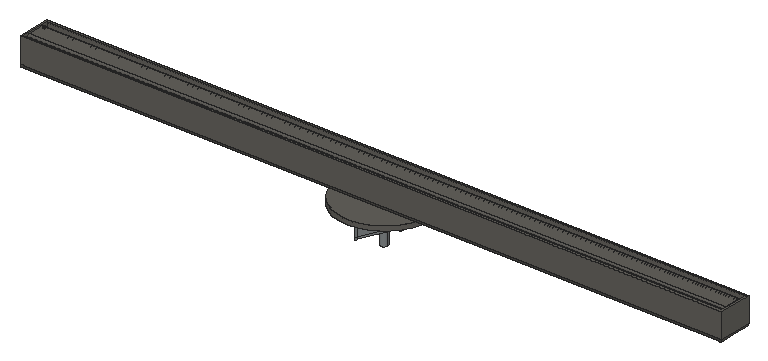
Revit family "Shower-Floor_Drain-KOHLER-Hidden-K-33622T", category Plumbing Fixtures, host Face, Revit 2021
Family settings
  Host = Face
  Round Connector Dimension = Use Diameter
  Part Type = Normal
  OmniClass Number = 23.39.29.11
  OmniClass Title = Waste Water Drains
  Cut with Voids When Loaded = No
  Shared = No
  Room Calculation Point = No
Parameters (values of type "CG2-Cool Dark Gray")
  Width = 23.62205"  # constant formula
  WaterSense Certified = 1 = 0  # no
  Waste Water Outlet = "Waste Water Outlet"  # constant formula
  Waste Connection = 1 = 1  # yes
  Vent Connection = 1 = 0  # no
  URL = "http://www.kohler.com.cn/"
  Type = 3
  Product Page URL = ""
  Product Name = "Hidden"  # constant formula
  Product Documentation Link = ""
  Pressure = 0.00 psi
  Model = if(Type = 1, "K-33622T-2MB", if(Type = 2, "K-33622T-BS", if(Type = 3, "K-33622T-CG2", "NA")))  # "K-33622T-CG2"
  Material = "Premium Metal Construction"  # constant formula
  Master Format 2014 Name = "Residential Showers"  # constant formula
  Master Format 2014 = "22 42 23"  # constant formula
  Manufacturer Address = "Kohler Beijing Office (100016) 36-2-03-B, No. 88, Liuxiang Road, Beijing"  # constant formula
  Manufacturer = "Kohler Co."  # constant formula
  Length = 1.10236"  # constant formula
  Hot Water Inlet = "Hot Water Inlet"  # constant formula
  Height = 2.3622"  # constant formula
  HW Connection = 1 = 0  # no
  Flow Rate = 0 GPM
  Finish = KOHLER-Metal-CG2-Cool_Dark_Gray
  Environmental Product Declaration = ""
  Drain Included = 1 = 0  # no
  Description = "Floor Drain (E) 600 X 28MM"  # constant formula
  Default Elevation = 0"
  Declare Label = ""
  Date Modified = "07/12/2024"  # constant formula
  Date Created = "07/12/2024"  # constant formula
  Copyright = "Copyright Kohler Co."  # constant formula
  Contact Us = "http://www.kohler.com.cn/contact/contact-us/"
  Cold Water Inlet = "Cold Water Inlet"  # constant formula
  CW Connection = 1 = 0  # no
  Assembly Code = "D2010700"
  ADA Compliant = 1 = 0  # no
Types (4): name | Type | Model | Finish
  (no name) | 3 | "K-33622T-CG2" | KOHLER-Metal-CG2-Cool_Dark_Gray
  BS-Brushed Stainless | 2 | "K-33622T-BS" | Kohler-Metal-BS-Brushed_Stainless
  2MB-Vibrant Brushed Moderne Brass | 1 | "K-33622T-2MB" | Kohler-Metal-2MB-Vibrant_Brushed_Moderne_Brass
  CG2-Cool Dark Gray | 3 | "K-33622T-CG2" | KOHLER-Metal-CG2-Cool_Dark_Gray
Reference planes (in)
  plane 1 "Center (Front/Back)": y = 0
  plane 2: z = 0
  plane 3 "Center (Left/Right)": x = 0
  plane 4: x = -0.55118
  plane 5: x = 0.55118
  plane 6: x = 1.53543
  plane 7: x = -1.53543
  plane 8: z = -1.11024
  plane 9: z = -2.3622
  plane 10: y = 0.82677
  plane 11: y = -0.82677
  plane 12: x = 11.81102
  plane 13: x = -11.81102
  plane 14: y = 1.53543
  plane 15: y = -1.53543
  plane 16: y = 0.55118
  plane 17: y = -0.55118
  plane 18: x = -0.82677
  plane 19: x = 0.82677
Forms (in)
  Extrusion 1, void
    sketch origin (0, 0, 0) x (1, 0, 0) y (0, 1, 0)
      loop
        line (-11.81102, 0.55118) -> (-11.81102, -0.55118) -> (11.81102, -0.55118) -> (11.81102, 0.55118) -> (-11.81102, 0.55118)
    from -0.95276 to 0
  Extrusion 2, void
    sketch origin (0, 0, 0) x (1, 0, 0) y (0, 1, 0)
      loop
        circle (0, 0) r 1.53543
    from -1.11024 to -0.95276
  Extrusion 3, void
    sketch origin (0, 0, 0) x (1, 0, 0) y (0, 1, 0)
      loop
        arc (-0.63447, 0.33983) -> (-0.73027, 0.30734) -> (-0.78654, 0.22327) r 0.15748
        arc (-0.78654, 0.22327) -> (-0.81612, 0.00093) -> (-0.78726, -0.22151) r 0.86107
        arc (-0.78726, -0.22151) -> (-0.73107, -0.30592) -> (-0.63506, -0.33857) r 0.15748
        line (-0.63506, -0.33857) -> (0.60469, -0.33857)
        arc (0.60469, -0.33857) -> (0.7282, -0.295) -> (0.79703, -0.18358) r 0.19685
        arc (0.79703, -0.18358) -> (0.81647, 0.02044) -> (0.78715, 0.22327) r 0.86107
        arc (0.78715, 0.22327) -> (0.73088, 0.30734) -> (0.63508, 0.33983) r 0.15748
        line (0.63508, 0.33983) -> (-0.63447, 0.33983)
    from -2.3622 to -0.64571
Dimensions and locks (in)
  "Width": plane 13 to plane 12
  "Length": plane 16 to plane 17
  plane 14 to plane 15 = 3.07087"
  level to plane 8 = 1.11024"
  "Height": level to plane 9
  plane 18 to plane 19 = 1.65354"
  aligned and locked: plane 2 to host face
  aligned and locked: level to host face
  aligned and locked: plane 1 "Center (Front/Back)" to nested 1
  aligned and locked: plane 3 "Center (Left/Right)" to nested 1
Automatic sketch dimensions
  host sketch curve to host sketch curve = 96"  (x2)
  Extrusion 1 sketch curve to plane 13 = 0"
  Extrusion 1 sketch curve to plane 12 = 0"
  Extrusion 1 sketch curve to plane 17 = 0"
  Extrusion 1 sketch curve to plane 16 = 0"
  plane 1 "Center (Front/Back)" to Extrusion 2 sketch curve = 0"
  Extrusion 2 sketch curve to plane 3 "Center (Left/Right)" = 0"
  plane 4 to Extrusion 3 sketch curve = 0.08388"
  plane 4 to Extrusion 3 sketch curve = 0.08329"
  plane 1 "Center (Front/Back)" to Extrusion 3 sketch curve = 0.00047"  (x2)
  Extrusion 3 sketch curve to plane 3 "Center (Left/Right)" = 0.04434"
  plane 3 "Center (Left/Right)" to Extrusion 3 sketch curve = 0.04495"
  Extrusion 3 sketch curve to plane 5 = 0.0535"
  Extrusion 3 sketch curve to plane 5 = 0.0839"
  plane 1 "Center (Front/Back)" to Extrusion 3 sketch curve = 0.14172"
  plane 1 "Center (Front/Back)" to Extrusion 3 sketch curve = 0.18109"
  Extrusion 3 sketch curve to Extrusion 3 sketch curve = 0.15748"  (x2)
  Extrusion 3 sketch curve to plane 1 "Center (Front/Back)" = 0.18235"  (x2)
  Extrusion 3 sketch curve to Extrusion 3 sketch curve = 0"  (x2)
  radius of Extrusion 2 sketch curve = 1.53543"
Nested families (in)
  nested 1: "K-33622T" at (0, 0, 0), type "K-33622T"
Connectors (in)
  piping at (0, 0, -2.3622), diameter 1.76563, driven by "Waste Connection", driven by "Waste Water Outlet"
    settings: on nested 1, index 1, connector inside diameter 24", connector length 0", flow factor 0, pipe flow 0 GPM, pressure drop 0.00 psi, fitting loss kfactor 0, connector angle 0.00°, fixture units 0, engagement length 0", angle of deflection 0.00°, flow configuration 0, flow direction 2, fitting loss method 0, system type 16, joint type 0, gender type 0, connector reference index -1, connector utility 1, adjustable connector no, is connector primary yes, connector description "Waste Water Outlet"
Definition of nested family "K-33622T"
  Parameters
    Material = none
    Default Elevation = 0"
  Reference planes (in)
    plane 1 "Center (Front/Back)": y = 0
    plane 2: z = 0
    plane 3 "Center (Left/Right)": x = 0
    plane 4: y = 0.55118
    plane 5: y = -0.55118
    plane 6: y = 1.53543
    plane 7: y = -1.53543
    plane 8: x = 11.81102
    plane 9: x = -11.81102
    plane 10: z = -1.11024
    plane 11: z = -2.3622
    plane 12: through (0.46659, -180, -1.57145) normal (0.5, 0, -0.866)
    plane 13: x = -0.82677
    plane 14: x = 0.82677
  Forms (in)
    Extrusion 1, solid, material <- "Material", detail levels medium+fine
      sketch origin (0, 0, 0) x (0, 1, 0) y (0, 0, 1)
        loop
          line (-0.35827, -0.39764) -> (-0.49606, -0.39764) -> (-0.49606, -0.44488) -> (-0.35039, -0.44488)
          arc (-0.35039, -0.44488) -> (-0.30864, -0.42759) -> (-0.29134, -0.38583) r 0.05906
          line (-0.29134, -0.38583) -> (-0.29134, -0.07874)
          arc (-0.29134, -0.07874) -> (-0.28557, -0.06482) -> (-0.27165, -0.05906) r 0.01969
          line (-0.27165, -0.05906) -> (0.24397, -0.05906)
          arc (0.24397, -0.05906) -> (0.25789, -0.06482) -> (0.26366, -0.07874) r 0.01969
          line (0.26366, -0.07874) -> (0.26366, -0.38583)
          arc (0.26366, -0.38583) -> (0.28095, -0.42759) -> (0.32271, -0.44488) r 0.05906
          line (0.32271, -0.44488) -> (0.49606, -0.44488) -> (0.49606, -0.39764) -> (0.33071, -0.39764)
          arc (0.33071, -0.39764) -> (0.31679, -0.39187) -> (0.31102, -0.37795) r 0.01969
          line (0.31102, -0.37795) -> (0.31102, -0.07087)
          arc (0.31102, -0.07087) -> (0.29373, -0.02911) -> (0.25197, -0.01181) r 0.05906
          line (0.25197, -0.01181) -> (-0.27953, -0.01181)
          arc (-0.27953, -0.01181) -> (-0.32129, -0.02911) -> (-0.33858, -0.07087) r 0.05906
          line (-0.33858, -0.07087) -> (-0.33858, -0.37795)
          arc (-0.33858, -0.37795) -> (-0.34435, -0.39187) -> (-0.35827, -0.39764) r 0.01969
      from -11.72244 to 11.72244
    Extrusion 2, void
      sketch origin (0, 0, 0) x (1, 0, 0) y (0, 1, 0)
        loop
          arc (11.72244, -0.41079) -> (11.6937, -0.48508) -> (11.62244, -0.52067) r 0.11037
          line (11.62244, -0.52067) -> (11.86024, -0.52067) -> (11.86024, 0.51135) -> (11.62244, 0.51135)
          arc (11.62244, 0.51135) -> (11.69412, 0.47002) -> (11.72244, 0.39226) r 0.12091
          line (11.72244, 0.39226) -> (11.72244, -0.41079)
        loop
          line (-11.72244, -0.41079) -> (-11.72244, 0.39226)
          arc (-11.72244, 0.39226) -> (-11.69412, 0.47002) -> (-11.62244, 0.51135) r 0.12091
          line (-11.62244, 0.51135) -> (-11.86024, 0.51135) -> (-11.86024, -0.52067) -> (-11.62244, -0.52067)
          arc (-11.62244, -0.52067) -> (-11.6937, -0.48508) -> (-11.72244, -0.41079) r 0.11037
      from -1.05944 to 0.07697
    Extrusion 3, void
      sketch origin (0, 0, 0) x (1, 0, 0) y (0, 0, 1)
        loop
          arc (-11.38583, -0.20079) -> (-11.4081, -0.21001) -> (-11.41732, -0.23228) r 0.0315
          line (-11.41732, -0.23228) -> (-11.41732, -0.44488) -> (-10.62992, -0.44488) -> (-10.62992, -0.23228)
          arc (-10.62992, -0.23228) -> (-10.63915, -0.21001) -> (-10.66142, -0.20079) r 0.0315
          line (-10.66142, -0.20079) -> (-11.38583, -0.20079)
        loop
          line (-9.84252, -0.44488) -> (-9.05512, -0.44488) -> (-9.05512, -0.23228)
          arc (-9.05512, -0.23228) -> (-9.06434, -0.21001) -> (-9.08661, -0.20079) r 0.0315
          line (-9.08661, -0.20079) -> (-9.81102, -0.20079)
          arc (-9.81102, -0.20079) -> (-9.83329, -0.21001) -> (-9.84252, -0.23228) r 0.0315
          line (-9.84252, -0.23228) -> (-9.84252, -0.44488)
        loop
          line (-8.26772, -0.44488) -> (-7.48031, -0.44488) -> (-7.48031, -0.23228)
          arc (-7.48031, -0.23228) -> (-7.48954, -0.21001) -> (-7.51181, -0.20079) r 0.0315
          line (-7.51181, -0.20079) -> (-8.23622, -0.20079)
          arc (-8.23622, -0.20079) -> (-8.25849, -0.21001) -> (-8.26772, -0.23228) r 0.0315
          line (-8.26772, -0.23228) -> (-8.26772, -0.44488)
        loop
          line (-6.69291, -0.44488) -> (-5.90551, -0.44488) -> (-5.90551, -0.23228)
          arc (-5.90551, -0.23228) -> (-5.91474, -0.21001) -> (-5.93701, -0.20079) r 0.0315
          line (-5.93701, -0.20079) -> (-6.66142, -0.20079)
          arc (-6.66142, -0.20079) -> (-6.68369, -0.21001) -> (-6.69291, -0.23228) r 0.0315
          line (-6.69291, -0.23228) -> (-6.69291, -0.44488)
        loop
          line (-5.11811, -0.44488) -> (-4.33071, -0.44488) -> (-4.33071, -0.23228)
          arc (-4.33071, -0.23228) -> (-4.33993, -0.21001) -> (-4.3622, -0.20079) r 0.0315
          line (-4.3622, -0.20079) -> (-5.08661, -0.20079)
          arc (-5.08661, -0.20079) -> (-5.10889, -0.21001) -> (-5.11811, -0.23228) r 0.0315
          line (-5.11811, -0.23228) -> (-5.11811, -0.44488)
        loop
          line (-3.54331, -0.44488) -> (-2.75591, -0.44488) -> (-2.75591, -0.23228)
          arc (-2.75591, -0.23228) -> (-2.76513, -0.21001) -> (-2.7874, -0.20079) r 0.0315
          line (-2.7874, -0.20079) -> (-3.51181, -0.20079)
          arc (-3.51181, -0.20079) -> (-3.53408, -0.21001) -> (-3.54331, -0.23228) r 0.0315
          line (-3.54331, -0.23228) -> (-3.54331, -0.44488)
        loop
          line (-1.9685, -0.44488) -> (-1.1811, -0.44488) -> (-1.1811, -0.23228)
          arc (-1.1811, -0.23228) -> (-1.19033, -0.21001) -> (-1.2126, -0.20079) r 0.0315
          line (-1.2126, -0.20079) -> (-1.93701, -0.20079)
          arc (-1.93701, -0.20079) -> (-1.95928, -0.21001) -> (-1.9685, -0.23228) r 0.0315
          line (-1.9685, -0.23228) -> (-1.9685, -0.44488)
        loop
          line (-0.3937, -0.44488) -> (0.3937, -0.44488) -> (0.3937, -0.23228)
          arc (0.3937, -0.23228) -> (0.38448, -0.21001) -> (0.3622, -0.20079) r 0.0315
          line (0.3622, -0.20079) -> (-0.3622, -0.20079)
          arc (-0.3622, -0.20079) -> (-0.38448, -0.21001) -> (-0.3937, -0.23228) r 0.0315
          line (-0.3937, -0.23228) -> (-0.3937, -0.44488)
        loop
          line (1.1811, -0.44488) -> (1.9685, -0.44488) -> (1.9685, -0.23228)
          arc (1.9685, -0.23228) -> (1.95928, -0.21001) -> (1.93701, -0.20079) r 0.0315
          line (1.93701, -0.20079) -> (1.2126, -0.20079)
          arc (1.2126, -0.20079) -> (1.19033, -0.21001) -> (1.1811, -0.23228) r 0.0315
          line (1.1811, -0.23228) -> (1.1811, -0.44488)
        loop
          line (2.75591, -0.44488) -> (3.54331, -0.44488) -> (3.54331, -0.23228)
          arc (3.54331, -0.23228) -> (3.53408, -0.21001) -> (3.51181, -0.20079) r 0.0315
          line (3.51181, -0.20079) -> (2.7874, -0.20079)
          arc (2.7874, -0.20079) -> (2.76513, -0.21001) -> (2.75591, -0.23228) r 0.0315
          line (2.75591, -0.23228) -> (2.75591, -0.44488)
        loop
          line (4.33071, -0.44488) -> (5.11811, -0.44488) -> (5.11811, -0.23228)
          arc (5.11811, -0.23228) -> (5.10889, -0.21001) -> (5.08661, -0.20079) r 0.0315
          line (5.08661, -0.20079) -> (4.3622, -0.20079)
          arc (4.3622, -0.20079) -> (4.33993, -0.21001) -> (4.33071, -0.23228) r 0.0315
          line (4.33071, -0.23228) -> (4.33071, -0.44488)
        loop
          line (5.90551, -0.44488) -> (6.69291, -0.44488) -> (6.69291, -0.23228)
          arc (6.69291, -0.23228) -> (6.68369, -0.21001) -> (6.66142, -0.20079) r 0.0315
          line (6.66142, -0.20079) -> (5.93701, -0.20079)
          arc (5.93701, -0.20079) -> (5.91474, -0.21001) -> (5.90551, -0.23228) r 0.0315
          line (5.90551, -0.23228) -> (5.90551, -0.44488)
        loop
          line (7.48031, -0.44488) -> (8.26772, -0.44488) -> (8.26772, -0.23228)
          arc (8.26772, -0.23228) -> (8.25849, -0.21001) -> (8.23622, -0.20079) r 0.0315
          line (8.23622, -0.20079) -> (7.51181, -0.20079)
          arc (7.51181, -0.20079) -> (7.48954, -0.21001) -> (7.48031, -0.23228) r 0.0315
          line (7.48031, -0.23228) -> (7.48031, -0.44488)
        loop
          line (9.05512, -0.44488) -> (9.84252, -0.44488) -> (9.84252, -0.23228)
          arc (9.84252, -0.23228) -> (9.83329, -0.21001) -> (9.81102, -0.20079) r 0.0315
          line (9.81102, -0.20079) -> (9.08661, -0.20079)
          arc (9.08661, -0.20079) -> (9.06434, -0.21001) -> (9.05512, -0.23228) r 0.0315
          line (9.05512, -0.23228) -> (9.05512, -0.44488)
        loop
          line (10.62992, -0.44488) -> (11.41732, -0.44488) -> (11.41732, -0.23228)
          arc (11.41732, -0.23228) -> (11.4081, -0.21001) -> (11.38583, -0.20079) r 0.0315
          line (11.38583, -0.20079) -> (10.66142, -0.20079)
          arc (10.66142, -0.20079) -> (10.63915, -0.21001) -> (10.62992, -0.23228) r 0.0315
          line (10.62992, -0.23228) -> (10.62992, -0.44488)
      from -0.37008 to 0.39764
    Sweep 4, solid, material <- "Material", detail levels medium+fine
      path origin (0, 0, 0) x (1, 0, 0) y (0, 1, 0)
        loop
          line (11.81102, 0.55118) -> (-11.81102, 0.55118) -> (-11.81102, -0.55118) -> (11.81102, -0.55118) -> (11.81102, 0.55118)
      profile origin (0, 0.55118, 0) x (0, -1, 0) y (0, 0, 1)
        loop
          line (0, 0) -> (0, -0.85433)
          arc (0, -0.85433) -> (0.02883, -0.92393) -> (0.09843, -0.95276) r 0.09843
          line (0.09843, -0.95276) -> (0.1811, -0.95276) -> (0.1811, -0.89764) -> (0.09449, -0.89764) -> (0.05512, -0.85827) -> (0.05512, 0) -> (0, 0)
    Extrusion 5, solid, material <- "Material", detail levels medium+fine
      sketch origin (0, 0, 0) x (1, 0, 0) y (0, 1, 0)
        loop
          line (-11.62992, -0.37008) -> (11.62992, -0.37008) -> (11.62992, 0.37008) -> (-11.62992, 0.37008) -> (-11.62992, -0.37008)
      from -0.95276 to -0.85827
    Extrusion 6, solid, material <- "Material"
      sketch origin (0, 0, 0) x (1, 0, 0) y (0, 1, 0)
        loop
          circle (0, 0) r 1.53543
      from -1.11024 to -0.95276
    Extrusion 7, solid
      sketch origin (0, 0, 0) x (1, 0, 0) y (0, 1, 0)
        loop
          arc (-0.63447, 0.33983) -> (-0.73027, 0.30734) -> (-0.78654, 0.22327) r 0.15748
          arc (-0.78654, 0.22327) -> (-0.81612, 0.00093) -> (-0.78726, -0.22151) r 0.86107
          arc (-0.78726, -0.22151) -> (-0.73107, -0.30592) -> (-0.63506, -0.33857) r 0.15748
          line (-0.63506, -0.33857) -> (0.60469, -0.33857)
          arc (0.60469, -0.33857) -> (0.7282, -0.295) -> (0.79703, -0.18358) r 0.19685
          arc (0.79703, -0.18358) -> (0.81647, 0.02044) -> (0.78715, 0.22327) r 0.86107
          arc (0.78715, 0.22327) -> (0.73088, 0.30734) -> (0.63508, 0.33983) r 0.15748
          line (0.63508, 0.33983) -> (-0.63447, 0.33983)
      from -2.41199 to -1.11024
    Extrusion 8, void
      sketch origin (0, 0, 0) x (1, 0, 0) y (0, 0, 1)
        loop
          line (-0.87665, -2.34697) -> (-0.87665, -2.44566) -> (0.89501, -2.44566) -> (0.89501, -1.20895) -> (0.50203, -1.43584)
          arc (0.50203, -1.43584) -> (0.4905, -1.44737) -> (0.48628, -1.46313) r 0.03151
          line (0.48628, -1.46313) -> (0.48628, -1.53736)
          arc (0.48628, -1.53736) -> (0.481, -1.55704) -> (0.46659, -1.57145) r 0.03937
          line (0.46659, -1.57145) -> (-0.87665, -2.34697)
      from -0.55118 to 0.6194
    Extrusion 9, solid
      sketch origin (0, 0, 0) x (1, 0, 0) y (0, 1, 0)
        loop
          arc (-0.63447, 0.33983) -> (-0.73027, 0.30734) -> (-0.78654, 0.22327) r 0.15748
          arc (-0.78654, 0.22327) -> (-0.81612, 0.00093) -> (-0.78726, -0.22151) r 0.86107
          arc (-0.78726, -0.22151) -> (-0.73107, -0.30592) -> (-0.63506, -0.33857) r 0.15748
          line (-0.63506, -0.33857) -> (0.48628, -0.33857) -> (0.48628, 0.33983) -> (-0.63447, 0.33983)
      from -2.4278 to -1.19037
    Extrusion 10, void
      sketch origin (0, 0, 0) x (1, 0, 0) y (0, 0, 1)
        loop
          line (-0.87665, -2.34697) -> (0.46659, -1.57145)
          arc (0.46659, -1.57145) -> (0.481, -1.55704) -> (0.48628, -1.53736) r 0.03937
          line (0.48628, -1.53736) -> (0.48628, -1.46313)
          arc (0.48628, -1.46313) -> (0.4905, -1.44737) -> (0.50203, -1.43584) r 0.03151
          line (0.50203, -1.43584) -> (0.89501, -1.20895) -> (0.89501, -1.16587) -> (-0.87665, -1.16587) -> (-0.87665, -2.34697)
        loop
          line (-0.87665, -2.42457) -> (-0.87665, -2.48284) -> (0.89501, -2.48284) -> (0.89501, -1.4017) -> (-0.87665, -2.42457)
      from -0.49606 to 0.49606
    Extrusion 11, solid
      sketch origin (0, 0, 0) x (1, 0, 0) y (0, 0, 1)
        loop
          arc (0.50104, -1.43641) -> (0.49023, -1.44722) -> (0.48628, -1.46198) r 0.02953
          line (0.48628, -1.46198) -> (0.48628, -1.56914) -> (0.61726, -1.5946)
          arc (0.61726, -1.5946) -> (0.63708, -1.59747) -> (0.65708, -1.59843) r 0.20867
          line (0.65708, -1.59843) -> (0.71858, -1.59843)
          arc (0.71858, -1.59843) -> (0.77383, -1.57555) -> (0.79671, -1.5203) r 0.07813
          line (0.79671, -1.5203) -> (0.79671, -1.45028) -> (0.75841, -1.46422)
          arc (0.75841, -1.46422) -> (0.74099, -1.47258) -> (0.72553, -1.48419) r 0.09843
          arc (0.72553, -1.48419) -> (0.63671, -1.46256) -> (0.69062, -1.38873) r 0.05499
          arc (0.69062, -1.38873) -> (0.70976, -1.38764) -> (0.72833, -1.38287) r 0.09843
          line (0.72833, -1.38287) -> (0.77843, -1.36464)
          arc (0.77843, -1.36464) -> (0.79249, -1.35385) -> (0.79781, -1.33696) r 0.02946
          line (0.79781, -1.33696) -> (0.79781, -1.26507) -> (0.50104, -1.43641)
      from 0.16354 to 0.24623
    Extrusion 12, solid
      sketch origin (0, 0, 0) x (1, 0, 0) y (0, 0, -1)
        loop
          line (0.50104, 1.43641) -> (0.79781, 1.26507) -> (0.79781, 1.33696)
          arc (0.79781, 1.33696) -> (0.79249, 1.35385) -> (0.77843, 1.36464) r 0.02946
          line (0.77843, 1.36464) -> (0.72833, 1.38287)
          arc (0.72833, 1.38287) -> (0.70976, 1.38764) -> (0.69062, 1.38873) r 0.09843
          arc (0.69062, 1.38873) -> (0.63671, 1.46256) -> (0.72553, 1.48419) r 0.05499
          arc (0.72553, 1.48419) -> (0.74099, 1.47258) -> (0.75841, 1.46422) r 0.09843
          line (0.75841, 1.46422) -> (0.79671, 1.45028) -> (0.79671, 1.5203)
          arc (0.79671, 1.5203) -> (0.77383, 1.57555) -> (0.71858, 1.59843) r 0.07813
          line (0.71858, 1.59843) -> (0.65708, 1.59843)
          arc (0.65708, 1.59843) -> (0.63708, 1.59747) -> (0.61726, 1.5946) r 0.20867
          line (0.61726, 1.5946) -> (0.48628, 1.56914) -> (0.48628, 1.46198)
          arc (0.48628, 1.46198) -> (0.49023, 1.44722) -> (0.50104, 1.43641) r 0.02953
      from 0.16344 to 0.24623
    Extrusion 13, solid
      sketch origin (0, 0, 0) x (1, 0, 0) y (0, 0, 1)
        loop
          line (0.48628, -1.63768) -> (0.77318, -1.47204)
          arc (0.77318, -1.47204) -> (0.78272, -1.45841) -> (0.77841, -1.44234) r 0.01969
          line (0.77841, -1.44234) -> (0.71767, -1.36995)
          arc (0.71767, -1.36995) -> (0.70469, -1.36214) -> (0.68965, -1.36393) r 0.02335
          line (0.68965, -1.36393) -> (0.48628, -1.46198) -> (0.48628, -1.63768)
      from -0.16344 to 0.16354
    Extrusion 14, solid
      sketch origin (0, 0, 0) x (1, 0, 0) y (0, 0, 1)
        loop
          line (0.67466, -1.39228) -> (0.63688, -1.45771)
          arc (0.63688, -1.45771) -> (0.73435, -1.47037) -> (0.67466, -1.39228) r 0.05323
      from 0.16354 to 0.24623
    Extrusion 15, solid
      sketch origin (0, 0, 0) x (1, 0, 0) y (0, 0, -1)
        loop
          arc (0.67466, 1.39228) -> (0.73435, 1.47037) -> (0.63688, 1.45771) r 0.05323
          line (0.63688, 1.45771) -> (0.67466, 1.39228)
      from 0.16354 to 0.24623
    Extrusion 16, void
      sketch origin (0, 0, 0) x (1, 0, 0) y (0, 0, 1)
        loop
          line (-0.12348, -1.11024) -> (-0.09255, -1.19521)
          arc (-0.09255, -1.19521) -> (-0.00145, -1.25959) -> (0.09076, -1.19681) r 0.09785
          line (0.09076, -1.19681) -> (0.12399, -1.11024) -> (-0.12348, -1.11024)
      from -0.41715 to 0.43292
    Extrusion 17, solid
      sketch origin (0, 0, 0) x (1, 0, 0) y (0, 0, 1)
        loop
          line (-0.12348, -1.11024) -> (-0.09255, -1.19521)
          arc (-0.09255, -1.19521) -> (-0.00145, -1.25959) -> (0.09076, -1.19681) r 0.09785
          line (0.09076, -1.19681) -> (0.12399, -1.11024) -> (-0.12348, -1.11024)
      from -0.33983 to 0.33858
    Extrusion 18, void
      sketch origin (0, 0, 0) x (1, 0, 0) y (0, 0, 1)
        loop
          circle (0, -1.16142) r 0.02756
      from -0.42522 to 0.42884
    Extrusion 19, solid
      sketch origin (0, 0, 0) x (1, 0, 0) y (0, 0, 1)
        loop
          circle (0, -1.16142) r 0.02756
      from -0.38583 to 0.38583
    Extrusion 20, void
      sketch origin (0, 0, 0) x (1, 0, 0) y (0, 0, 1)
        loop
          line (-0.84388, -2.3622) -> (-0.84388, -2.45258) -> (-0.71576, -2.45258) -> (-0.71576, -2.3622) -> (-0.84388, -2.3622)
      from -0.67176 to 0.6797
    Extrusion 21, solid, material <- "Material", detail levels coarse
      sketch origin (0, 0, 0) x (1, 0, 0) y (0, 1, 0)
        loop
          line (11.81102, 0.55118) -> (-11.81102, 0.55118) -> (-11.81102, -0.55118) -> (11.81102, -0.55118) -> (11.81102, 0.55118)
      from -0.95276 to 0
    Extrusion 22, solid
      sketch origin (0, 0, 0) x (1, 0, 0) y (0, 1, 0)
        loop
          circle (0, 0) r 0.11811
      from -1.56438 to -2.3622
  Cuts and joins
    Extrusion 2, Extrusion 3 cuts Extrusion 1
    joined: Sweep 4, Extrusion 5
    Extrusion 8, Extrusion 16, Extrusion 18 cuts Extrusion 7
    Extrusion 10, Extrusion 20 cuts Extrusion 9
    Extrusion 18 cuts Extrusion 17
  Lines and regions (in)
    Masking region 1
      outline origin (0, 0, 0) x (1, 0, 0) y (0, 0, 1)
        loop
          line (-11.81102, 0) -> (-11.81102, -0.85433)
          arc (-11.81102, -0.85433) -> (-11.7822, -0.92393) -> (-11.7126, -0.95276) r 0.09843
          line (-11.7126, -0.95276) -> (-1.53543, -0.95276) -> (-1.53543, -1.11024) -> (-0.80709, -1.11024)
          arc (-0.80709, -1.11024) -> (-0.82101, -1.116) -> (-0.82677, -1.12992) r 0.01969
          line (-0.82677, -1.12992) -> (-0.82677, -2.31927) -> (-0.79137, -2.35468)
          arc (-0.79137, -2.35468) -> (-0.7761, -2.3622) -> (-0.75941, -2.35888) r 0.02648
          line (-0.75941, -2.35888) -> (0.57757, -1.58698) -> (0.61998, -1.59522)
          arc (0.61998, -1.59522) -> (0.63661, -1.59763) -> (0.65339, -1.59844) r 0.17508
          line (0.65339, -1.59844) -> (0.71852, -1.59844)
          arc (0.71852, -1.59844) -> (0.77391, -1.5755) -> (0.79685, -1.52011) r 0.07833
          line (0.79685, -1.52011) -> (0.79685, -1.46456) -> (0.73088, -1.38594) -> (0.78924, -1.36471)
          arc (0.78924, -1.36471) -> (0.80179, -1.35507) -> (0.80655, -1.33998) r 0.02632
          line (0.80655, -1.33998) -> (0.80655, -1.29479)
          arc (0.80655, -1.29479) -> (0.8091, -1.2794) -> (0.81646, -1.26564) r 0.04783
          arc (0.81646, -1.26564) -> (0.82401, -1.25167) -> (0.82677, -1.23603) r 0.04978
          line (0.82677, -1.23603) -> (0.82677, -1.12992)
          arc (0.82677, -1.12992) -> (0.82101, -1.116) -> (0.80709, -1.11024) r 0.01969
          line (0.80709, -1.11024) -> (1.53543, -1.11024) -> (1.53543, -0.95276) -> (11.7126, -0.95276)
          arc (11.7126, -0.95276) -> (11.7822, -0.92393) -> (11.81102, -0.85433) r 0.09843
          line (11.81102, -0.85433) -> (11.81102, 0) -> (-11.81102, 0)
    Masking region 2
      outline origin (0, 0, 0) x (0, 1, 0) y (0, 0, 1)
        loop
          line (-0.55118, 0) -> (-0.55118, -0.85433)
          arc (-0.55118, -0.85433) -> (-0.52235, -0.92393) -> (-0.45276, -0.95276) r 0.09843
          line (-0.45276, -0.95276) -> (-1.53543, -0.95276) -> (-1.53543, -1.11024) -> (-0.33878, -1.11024) -> (-0.33878, -1.14098) -> (-0.38583, -1.14098) -> (-0.38583, -1.19956) -> (-0.33878, -1.19956) -> (-0.33878, -2.25499)
          arc (-0.33878, -2.25499) -> (-0.32225, -2.30275) -> (-0.27973, -2.33007) r 0.07725
          arc (-0.27973, -2.33007) -> (-0.14086, -2.35478) -> (0, -2.3622) r 1.14401
          arc (0, -2.3622) -> (0.14086, -2.35478) -> (0.27973, -2.33007) r 1.14401
          arc (0.27973, -2.33007) -> (0.32225, -2.30275) -> (0.33878, -2.25499) r 0.07725
          line (0.33878, -2.25499) -> (0.33878, -1.19956) -> (0.38583, -1.19956) -> (0.38583, -1.14098) -> (0.33878, -1.14098) -> (0.33878, -1.11024) -> (1.53543, -1.11024) -> (1.53543, -0.95276) -> (0.45276, -0.95276)
          arc (0.45276, -0.95276) -> (0.52235, -0.92393) -> (0.55118, -0.85433) r 0.09843
          line (0.55118, -0.85433) -> (0.55118, 0) -> (-0.55118, 0)
    Masking region 3
      outline origin (0, 0, 0) x (1, 0, 0) y (0, 1, 0)
        loop
          line (-1.43309, 0.55118) -> (-11.81102, 0.55118) -> (-11.81102, 0) -> (-11.81102, -0.55118) -> (-1.43309, -0.55118)
          arc (-1.43309, -0.55118) -> (-0.86927, -1.26567) -> (0, -1.53543) r 1.53543
          arc (0, -1.53543) -> (0.86927, -1.26567) -> (1.43309, -0.55118) r 1.53543
          line (1.43309, -0.55118) -> (11.81102, -0.55118) -> (11.81102, 0) -> (11.81102, 0.55118) -> (1.43309, 0.55118)
          arc (1.43309, 0.55118) -> (0.86927, 1.26567) -> (0, 1.53543) r 1.53543
          arc (0, 1.53543) -> (-0.86927, 1.26567) -> (-1.43309, 0.55118) r 1.53543
    symbolic lines, detail levels medium+fine
      curve 1: line (-1.53543, 0, -0.95276) -> (1.53543, 0, -0.95276)
      curve 2: line (-0.82677, 0, -1.11024) -> (-0.13032, 0, -1.11024)
      curve 3: line (0.80709, 0, -1.11024) -> (0.13032, 0, -1.11024)
      curve 4: line (-0.13032, 0, -1.11024) -> (-0.0981, 0, -1.19875)
      curve 5: line (0.13032, 0, -1.11024) -> (0.0981, 0, -1.19875)
      curve 6: arc (-0.0981, 0, -1.19875) -> (0, 0, -1.26744) -> (0.0981, 0, -1.19875) r 0.1044
      curve 7: circle (0, 0, -1.16142) r 0.02756 normal (0, 1, 0)
      curve 8: circle (0, 0, -1.16142) r 0.03346 normal (0, 1, 0)
      curve 9: line (-0.13032, 0, -1.11024) -> (0.13032, 0, -1.11024)
      curve 10: line (-11.81102, 0, -0.85433) -> (11.81102, 0, -0.85433)
      curve 11: line (-0.82677, 0, -2.31927) -> (0.48075, 0, -1.56438)
      curve 12: line (0.48075, 0, -1.56438) -> (0.48075, 0, -1.64288)
      curve 13: line (0.48075, 0, -1.56438) -> (0.48075, 0, -1.46666)
      curve 14: line (0.49981, 0, -1.43294) -> (0.82677, 0, -1.23603)
      curve 15: arc (0.48075, 0, -1.46666) -> (0.48584, 0, -1.44729) -> (0.49981, 0, -1.43294) r 0.03937
      curve 16: arc (0.57757, 0, -1.58698) -> (0.52847, 0, -1.57443) -> (0.48075, 0, -1.55738) r 0.54388
      curve 17: arc (0.70089, 0, -1.39686) -> (0.621, 0, -1.46402) -> (0.72438, 0, -1.4783) r 0.05711
      curve 18: line (0.73088, 0, -1.38594) -> (0.70089, 0, -1.39686)
      curve 19: line (0.79685, 0, -1.46456) -> (0.72438, 0, -1.4783)
      curve 20: arc (0.70089, 0, -1.39686) -> (0.73073, 0, -1.43236) -> (0.72438, 0, -1.4783) r 0.05711
      curve 21: line (-0.63911, 0, -1.11024) -> (-0.63911, 0, -2.21092)
      curve 22: line (-0.63911, 0, -2.21092) -> (-0.60511, 0, -2.2698)
      curve 23: line (0, -0.45276, -0.95276) -> (0, 0.45276, -0.95276)
      curve 24: line (0, -0.55118, -0.85433) -> (0, 0.55118, -0.85433)
      curve 25: line (0, -0.33878, -1.11024) -> (0, 0.33878, -1.11024)
      curve 26: line (0, 0.33878, -1.14098) -> (0, 0.33878, -1.19956)
      curve 27: line (0, -0.33878, -1.14098) -> (0, -0.33878, -1.19956)
      curve 28: arc (0, -0.33878, -1.34366) -> (0, -0.30304, -1.29337) -> (0, -0.24641, -1.26886) r 0.11476
      curve 29: line (0, -0.24641, -1.26886) -> (0, -0.24641, -1.59775)
      curve 30: line (0, -0.24641, -1.59775) -> (0, -0.16975, -1.59775)
      curve 31: line (0, -0.16975, -1.59775) -> (0, -0.16975, -1.45935)
      curve 32: line (0, -0.16975, -1.45935) -> (0, 0, -1.45935)
      curve 33: line (0, -0.16975, -1.45935) -> (0, -0.24641, -1.47564)
      curve 34: line (0, -0.24641, -1.51952) -> (0, -0.16975, -1.51952)
      curve 35: line (0, -0.16975, -1.45935) -> (0, -0.16975, -1.28478)
      curve 36: line (0, -0.24641, -1.36996) -> (0, -0.16975, -1.36054)
      curve 37: arc (0, 0, -1.24238) -> (0, -0.07142, -1.24598) -> (0, -0.14252, -1.2536) r 1.26616
      curve 38: arc (0, -0.14252, -1.2536) -> (0, -0.16198, -1.26408) -> (0, -0.16975, -1.28478) r 0.03147
      curve 39: arc (0, 0.33878, -1.34366) -> (0, 0.30304, -1.29337) -> (0, 0.24641, -1.26886) r 0.11476
      curve 40: line (0, 0.24641, -1.26886) -> (0, 0.24641, -1.59775)
      curve 41: line (0, 0.24641, -1.59775) -> (0, 0.16975, -1.59775)
      curve 42: line (0, 0.16975, -1.59775) -> (0, 0.16975, -1.45935)
      curve 43: line (0, 0.16975, -1.45935) -> (0, 0, -1.45935)
      curve 44: line (0, 0.16975, -1.45935) -> (0, 0.24641, -1.47564)
      curve 45: line (0, 0.24641, -1.51952) -> (0, 0.16975, -1.51952)
      curve 46: line (0, 0.16975, -1.45935) -> (0, 0.16975, -1.28478)
      curve 47: line (0, 0.24641, -1.36996) -> (0, 0.16975, -1.36054)
      curve 48: arc (0, 0, -1.24238) -> (0, 0.07142, -1.24598) -> (0, 0.14252, -1.2536) r 1.26616
      curve 49: arc (0, 0.14252, -1.2536) -> (0, 0.16198, -1.26408) -> (0, 0.16975, -1.28478) r 0.03147
      curve 50: line (-11.75591, 0, 0) -> (-11.75591, 0.49606, 0)
      curve 51: line (-11.75591, 0.49606, 0) -> (0, 0.49606, 0)
      curve 52: line (-11.72244, -0.00926, 0) -> (-11.72244, 0.40945, 0)
      curve 53: arc (-11.72244, 0.40945, 0) -> (-11.70514, 0.45121, 0) -> (-11.66339, 0.4685, 0) r 0.05906
      curve 54: line (0, 0.4685, 0) -> (-11.66339, 0.4685, 0)
      curve 55: line (-11.72244, 0.31102, 0) -> (0, 0.31102, 0)
      curve 56: line (-11.41732, 0.31102, 0) -> (-11.41732, 0.35039, 0)
      curve 57: arc (-11.41732, 0.35039, 0) -> (-11.41156, 0.36431, 0) -> (-11.39764, 0.37008, 0) r 0.01969
      curve 58: line (-10.64961, 0.37008, 0) -> (-11.39764, 0.37008, 0)
      curve 59: line (-10.62992, 0.35039, 0) -> (-10.62992, 0.31102, 0)
      curve 60: arc (-10.64961, 0.37008, 0) -> (-10.63569, 0.36431, 0) -> (-10.62992, 0.35039, 0) r 0.01969
      curve 61: line (-9.84252, 0.31102, 0) -> (-9.84252, 0.35039, 0)
      curve 62: arc (-9.84252, 0.35039, 0) -> (-9.83675, 0.36431, 0) -> (-9.82283, 0.37008, 0) r 0.01969
      curve 63: line (-9.0748, 0.37008, 0) -> (-9.82283, 0.37008, 0)
      curve 64: line (-9.05512, 0.35039, 0) -> (-9.05512, 0.31102, 0)
      curve 65: arc (-9.0748, 0.37008, 0) -> (-9.06088, 0.36431, 0) -> (-9.05512, 0.35039, 0) r 0.01969
      curve 66: line (-8.26772, 0.31102, 0) -> (-8.26772, 0.35039, 0)
      curve 67: arc (-8.26772, 0.35039, 0) -> (-8.26195, 0.36431, 0) -> (-8.24803, 0.37008, 0) r 0.01969
      curve 68: line (-7.5, 0.37008, 0) -> (-8.24803, 0.37008, 0)
      curve 69: line (-7.48031, 0.35039, 0) -> (-7.48031, 0.31102, 0)
      curve 70: arc (-7.5, 0.37008, 0) -> (-7.48608, 0.36431, 0) -> (-7.48031, 0.35039, 0) r 0.01969
      curve 71: line (-6.69291, 0.31102, 0) -> (-6.69291, 0.35039, 0)
      curve 72: arc (-6.69291, 0.35039, 0) -> (-6.68715, 0.36431, 0) -> (-6.67323, 0.37008, 0) r 0.01969
      curve 73: line (-5.9252, 0.37008, 0) -> (-6.67323, 0.37008, 0)
      curve 74: line (-5.90551, 0.35039, 0) -> (-5.90551, 0.31102, 0)
      curve 75: arc (-5.9252, 0.37008, 0) -> (-5.91128, 0.36431, 0) -> (-5.90551, 0.35039, 0) r 0.01969
      curve 76: line (-5.11811, 0.31102, 0) -> (-5.11811, 0.35039, 0)
      curve 77: arc (-5.11811, 0.35039, 0) -> (-5.11234, 0.36431, 0) -> (-5.09843, 0.37008, 0) r 0.01969
      curve 78: line (-4.35039, 0.37008, 0) -> (-5.09843, 0.37008, 0)
      curve 79: line (-4.33071, 0.35039, 0) -> (-4.33071, 0.31102, 0)
      curve 80: arc (-4.35039, 0.37008, 0) -> (-4.33647, 0.36431, 0) -> (-4.33071, 0.35039, 0) r 0.01969
      curve 81: line (-3.54331, 0.31102, 0) -> (-3.54331, 0.35039, 0)
      curve 82: arc (-3.54331, 0.35039, 0) -> (-3.53754, 0.36431, 0) -> (-3.52362, 0.37008, 0) r 0.01969
      curve 83: line (-2.77559, 0.37008, 0) -> (-3.52362, 0.37008, 0)
      curve 84: line (-2.75591, 0.35039, 0) -> (-2.75591, 0.31102, 0)
      curve 85: arc (-2.77559, 0.37008, 0) -> (-2.76167, 0.36431, 0) -> (-2.75591, 0.35039, 0) r 0.01969
      curve 86: line (-1.9685, 0.31102, 0) -> (-1.9685, 0.35039, 0)
      curve 87: arc (-1.9685, 0.35039, 0) -> (-1.96274, 0.36431, 0) -> (-1.94882, 0.37008, 0) r 0.01969
      curve 88: line (-1.20079, 0.37008, 0) -> (-1.94882, 0.37008, 0)
      curve 89: line (-1.1811, 0.35039, 0) -> (-1.1811, 0.31102, 0)
      curve 90: arc (-1.20079, 0.37008, 0) -> (-1.18687, 0.36431, 0) -> (-1.1811, 0.35039, 0) r 0.01969
      curve 91: line (-0.3937, 0.31102, 0) -> (-0.3937, 0.35039, 0)
      curve 92: arc (-0.3937, 0.35039, 0) -> (-0.38794, 0.36431, 0) -> (-0.37402, 0.37008, 0) r 0.01969
      curve 93: line (0, 0.37008, 0) -> (-0.37402, 0.37008, 0)
      curve 94: line (-1.43309, 0.55118, 0) -> (0, 0.55118, 0)
      curve 95: line (-11.75591, 0, 0) -> (-11.75591, -0.49606, 0)
      curve 96: line (-11.75591, -0.49606, 0) -> (0, -0.49606, 0)
      curve 97: line (-11.72244, 0.00926, 0) -> (-11.72244, -0.40945, 0)
      curve 98: arc (-11.72244, -0.40945, 0) -> (-11.70514, -0.45121, 0) -> (-11.66339, -0.4685, 0) r 0.05906
      curve 99: line (0, -0.4685, 0) -> (-11.66339, -0.4685, 0)
      curve 100: line (-11.72244, -0.31102, 0) -> (0, -0.31102, 0)
      curve 101: line (-11.41732, -0.31102, 0) -> (-11.41732, -0.35039, 0)
      curve 102: arc (-11.41732, -0.35039, 0) -> (-11.41156, -0.36431, 0) -> (-11.39764, -0.37008, 0) r 0.01969
      curve 103: line (-10.64961, -0.37008, 0) -> (-11.39764, -0.37008, 0)
      curve 104: line (-10.62992, -0.35039, 0) -> (-10.62992, -0.31102, 0)
      curve 105: arc (-10.64961, -0.37008, 0) -> (-10.63569, -0.36431, 0) -> (-10.62992, -0.35039, 0) r 0.01969
      curve 106: line (-9.84252, -0.31102, 0) -> (-9.84252, -0.35039, 0)
      curve 107: arc (-9.84252, -0.35039, 0) -> (-9.83675, -0.36431, 0) -> (-9.82283, -0.37008, 0) r 0.01969
      curve 108: line (-9.0748, -0.37008, 0) -> (-9.82283, -0.37008, 0)
      curve 109: line (-9.05512, -0.35039, 0) -> (-9.05512, -0.31102, 0)
      curve 110: arc (-9.0748, -0.37008, 0) -> (-9.06088, -0.36431, 0) -> (-9.05512, -0.35039, 0) r 0.01969
      curve 111: line (-8.26772, -0.31102, 0) -> (-8.26772, -0.35039, 0)
      curve 112: arc (-8.26772, -0.35039, 0) -> (-8.26195, -0.36431, 0) -> (-8.24803, -0.37008, 0) r 0.01969
      curve 113: line (-7.5, -0.37008, 0) -> (-8.24803, -0.37008, 0)
      curve 114: line (-7.48031, -0.35039, 0) -> (-7.48031, -0.31102, 0)
      curve 115: arc (-7.5, -0.37008, 0) -> (-7.48608, -0.36431, 0) -> (-7.48031, -0.35039, 0) r 0.01969
      curve 116: line (-6.69291, -0.31102, 0) -> (-6.69291, -0.35039, 0)
      curve 117: arc (-6.69291, -0.35039, 0) -> (-6.68715, -0.36431, 0) -> (-6.67323, -0.37008, 0) r 0.01969
      curve 118: line (-5.9252, -0.37008, 0) -> (-6.67323, -0.37008, 0)
      curve 119: line (-5.90551, -0.35039, 0) -> (-5.90551, -0.31102, 0)
      curve 120: arc (-5.9252, -0.37008, 0) -> (-5.91128, -0.36431, 0) -> (-5.90551, -0.35039, 0) r 0.01969
      curve 121: line (-5.11811, -0.31102, 0) -> (-5.11811, -0.35039, 0)
      curve 122: arc (-5.11811, -0.35039, 0) -> (-5.11234, -0.36431, 0) -> (-5.09843, -0.37008, 0) r 0.01969
      curve 123: line (-4.35039, -0.37008, 0) -> (-5.09843, -0.37008, 0)
      curve 124: line (-4.33071, -0.35039, 0) -> (-4.33071, -0.31102, 0)
      curve 125: arc (-4.35039, -0.37008, 0) -> (-4.33647, -0.36431, 0) -> (-4.33071, -0.35039, 0) r 0.01969
      curve 126: line (-3.54331, -0.31102, 0) -> (-3.54331, -0.35039, 0)
      curve 127: arc (-3.54331, -0.35039, 0) -> (-3.53754, -0.36431, 0) -> (-3.52362, -0.37008, 0) r 0.01969
      curve 128: line (-2.77559, -0.37008, 0) -> (-3.52362, -0.37008, 0)
      curve 129: line (-2.75591, -0.35039, 0) -> (-2.75591, -0.31102, 0)
      curve 130: arc (-2.77559, -0.37008, 0) -> (-2.76167, -0.36431, 0) -> (-2.75591, -0.35039, 0) r 0.01969
      curve 131: line (-1.9685, -0.31102, 0) -> (-1.9685, -0.35039, 0)
      curve 132: arc (-1.9685, -0.35039, 0) -> (-1.96274, -0.36431, 0) -> (-1.94882, -0.37008, 0) r 0.01969
      curve 133: line (-1.20079, -0.37008, 0) -> (-1.94882, -0.37008, 0)
      curve 134: line (-1.1811, -0.35039, 0) -> (-1.1811, -0.31102, 0)
      curve 135: arc (-1.20079, -0.37008, 0) -> (-1.18687, -0.36431, 0) -> (-1.1811, -0.35039, 0) r 0.01969
      curve 136: line (-0.3937, -0.31102, 0) -> (-0.3937, -0.35039, 0)
      curve 137: arc (-0.3937, -0.35039, 0) -> (-0.38794, -0.36431, 0) -> (-0.37402, -0.37008, 0) r 0.01969
      curve 138: line (0, -0.37008, 0) -> (-0.37402, -0.37008, 0)
      curve 139: line (-1.43309, -0.55118, 0) -> (0, -0.55118, 0)
      curve 140: line (11.75591, 0, 0) -> (11.75591, 0.49606, 0)
      curve 141: line (11.75591, 0.49606, 0) -> (0, 0.49606, 0)
      curve 142: line (11.72244, -0.00926, 0) -> (11.72244, 0.40945, 0)
      curve 143: arc (11.72244, 0.40945, 0) -> (11.70514, 0.45121, 0) -> (11.66339, 0.4685, 0) r 0.05906
      curve 144: line (0, 0.4685, 0) -> (11.66339, 0.4685, 0)
      curve 145: line (11.72244, 0.31102, 0) -> (0, 0.31102, 0)
      curve 146: line (11.41732, 0.31102, 0) -> (11.41732, 0.35039, 0)
      curve 147: arc (11.41732, 0.35039, 0) -> (11.41156, 0.36431, 0) -> (11.39764, 0.37008, 0) r 0.01969
      curve 148: line (10.64961, 0.37008, 0) -> (11.39764, 0.37008, 0)
      curve 149: line (10.62992, 0.35039, 0) -> (10.62992, 0.31102, 0)
      curve 150: arc (10.64961, 0.37008, 0) -> (10.63569, 0.36431, 0) -> (10.62992, 0.35039, 0) r 0.01969
      curve 151: line (9.84252, 0.31102, 0) -> (9.84252, 0.35039, 0)
      curve 152: arc (9.84252, 0.35039, 0) -> (9.83675, 0.36431, 0) -> (9.82283, 0.37008, 0) r 0.01969
      curve 153: line (9.0748, 0.37008, 0) -> (9.82283, 0.37008, 0)
      curve 154: line (9.05512, 0.35039, 0) -> (9.05512, 0.31102, 0)
      curve 155: arc (9.0748, 0.37008, 0) -> (9.06088, 0.36431, 0) -> (9.05512, 0.35039, 0) r 0.01969
      curve 156: line (8.26772, 0.31102, 0) -> (8.26772, 0.35039, 0)
      curve 157: arc (8.26772, 0.35039, 0) -> (8.26195, 0.36431, 0) -> (8.24803, 0.37008, 0) r 0.01969
      curve 158: line (7.5, 0.37008, 0) -> (8.24803, 0.37008, 0)
      curve 159: line (7.48031, 0.35039, 0) -> (7.48031, 0.31102, 0)
      curve 160: arc (7.5, 0.37008, 0) -> (7.48608, 0.36431, 0) -> (7.48031, 0.35039, 0) r 0.01969
      curve 161: line (6.69291, 0.31102, 0) -> (6.69291, 0.35039, 0)
      curve 162: arc (6.69291, 0.35039, 0) -> (6.68715, 0.36431, 0) -> (6.67323, 0.37008, 0) r 0.01969
      curve 163: line (5.9252, 0.37008, 0) -> (6.67323, 0.37008, 0)
      curve 164: line (5.90551, 0.35039, 0) -> (5.90551, 0.31102, 0)
      curve 165: arc (5.9252, 0.37008, 0) -> (5.91128, 0.36431, 0) -> (5.90551, 0.35039, 0) r 0.01969
      curve 166: line (5.11811, 0.31102, 0) -> (5.11811, 0.35039, 0)
      curve 167: arc (5.11811, 0.35039, 0) -> (5.11234, 0.36431, 0) -> (5.09843, 0.37008, 0) r 0.01969
      curve 168: line (4.35039, 0.37008, 0) -> (5.09843, 0.37008, 0)
      curve 169: line (4.33071, 0.35039, 0) -> (4.33071, 0.31102, 0)
      curve 170: arc (4.35039, 0.37008, 0) -> (4.33647, 0.36431, 0) -> (4.33071, 0.35039, 0) r 0.01969
      curve 171: line (3.54331, 0.31102, 0) -> (3.54331, 0.35039, 0)
      curve 172: arc (3.54331, 0.35039, 0) -> (3.53754, 0.36431, 0) -> (3.52362, 0.37008, 0) r 0.01969
      curve 173: line (2.77559, 0.37008, 0) -> (3.52362, 0.37008, 0)
      curve 174: line (2.75591, 0.35039, 0) -> (2.75591, 0.31102, 0)
      curve 175: arc (2.77559, 0.37008, 0) -> (2.76167, 0.36431, 0) -> (2.75591, 0.35039, 0) r 0.01969
      curve 176: line (1.9685, 0.31102, 0) -> (1.9685, 0.35039, 0)
      curve 177: arc (1.9685, 0.35039, 0) -> (1.96274, 0.36431, 0) -> (1.94882, 0.37008, 0) r 0.01969
      curve 178: line (1.20079, 0.37008, 0) -> (1.94882, 0.37008, 0)
      curve 179: line (1.1811, 0.35039, 0) -> (1.1811, 0.31102, 0)
      curve 180: arc (1.20079, 0.37008, 0) -> (1.18687, 0.36431, 0) -> (1.1811, 0.35039, 0) r 0.01969
      curve 181: line (0.3937, 0.31102, 0) -> (0.3937, 0.35039, 0)
      curve 182: arc (0.3937, 0.35039, 0) -> (0.38794, 0.36431, 0) -> (0.37402, 0.37008, 0) r 0.01969
      curve 183: line (0, 0.37008, 0) -> (0.37402, 0.37008, 0)
      curve 184: line (1.43309, 0.55118, 0) -> (0, 0.55118, 0)
      curve 185: line (11.75591, 0, 0) -> (11.75591, -0.49606, 0)
      curve 186: line (11.75591, -0.49606, 0) -> (0, -0.49606, 0)
      curve 187: line (11.72244, 0.00926, 0) -> (11.72244, -0.40945, 0)
      curve 188: arc (11.72244, -0.40945, 0) -> (11.70514, -0.45121, 0) -> (11.66339, -0.4685, 0) r 0.05906
      curve 189: line (0, -0.4685, 0) -> (11.66339, -0.4685, 0)
      curve 190: line (11.72244, -0.31102, 0) -> (0, -0.31102, 0)
      curve 191: line (11.41732, -0.31102, 0) -> (11.41732, -0.35039, 0)
      curve 192: arc (11.41732, -0.35039, 0) -> (11.41156, -0.36431, 0) -> (11.39764, -0.37008, 0) r 0.01969
      curve 193: line (10.64961, -0.37008, 0) -> (11.39764, -0.37008, 0)
      curve 194: line (10.62992, -0.35039, 0) -> (10.62992, -0.31102, 0)
      curve 195: arc (10.64961, -0.37008, 0) -> (10.63569, -0.36431, 0) -> (10.62992, -0.35039, 0) r 0.01969
      curve 196: line (9.84252, -0.31102, 0) -> (9.84252, -0.35039, 0)
      curve 197: arc (9.84252, -0.35039, 0) -> (9.83675, -0.36431, 0) -> (9.82283, -0.37008, 0) r 0.01969
      curve 198: line (9.0748, -0.37008, 0) -> (9.82283, -0.37008, 0)
      curve 199: line (9.05512, -0.35039, 0) -> (9.05512, -0.31102, 0)
      curve 200: arc (9.0748, -0.37008, 0) -> (9.06088, -0.36431, 0) -> (9.05512, -0.35039, 0) r 0.01969
      curve 201: line (8.26772, -0.31102, 0) -> (8.26772, -0.35039, 0)
      curve 202: arc (8.26772, -0.35039, 0) -> (8.26195, -0.36431, 0) -> (8.24803, -0.37008, 0) r 0.01969
      curve 203: line (7.5, -0.37008, 0) -> (8.24803, -0.37008, 0)
      curve 204: line (7.48031, -0.35039, 0) -> (7.48031, -0.31102, 0)
      curve 205: arc (7.5, -0.37008, 0) -> (7.48608, -0.36431, 0) -> (7.48031, -0.35039, 0) r 0.01969
      curve 206: line (6.69291, -0.31102, 0) -> (6.69291, -0.35039, 0)
      curve 207: arc (6.69291, -0.35039, 0) -> (6.68715, -0.36431, 0) -> (6.67323, -0.37008, 0) r 0.01969
      curve 208: line (5.9252, -0.37008, 0) -> (6.67323, -0.37008, 0)
      curve 209: line (5.90551, -0.35039, 0) -> (5.90551, -0.31102, 0)
      curve 210: arc (5.9252, -0.37008, 0) -> (5.91128, -0.36431, 0) -> (5.90551, -0.35039, 0) r 0.01969
      curve 211: line (5.11811, -0.31102, 0) -> (5.11811, -0.35039, 0)
      curve 212: arc (5.11811, -0.35039, 0) -> (5.11234, -0.36431, 0) -> (5.09843, -0.37008, 0) r 0.01969
      curve 213: line (4.35039, -0.37008, 0) -> (5.09843, -0.37008, 0)
      curve 214: line (4.33071, -0.35039, 0) -> (4.33071, -0.31102, 0)
      curve 215: arc (4.35039, -0.37008, 0) -> (4.33647, -0.36431, 0) -> (4.33071, -0.35039, 0) r 0.01969
      curve 216: line (3.54331, -0.31102, 0) -> (3.54331, -0.35039, 0)
      curve 217: arc (3.54331, -0.35039, 0) -> (3.53754, -0.36431, 0) -> (3.52362, -0.37008, 0) r 0.01969
      curve 218: line (2.77559, -0.37008, 0) -> (3.52362, -0.37008, 0)
      curve 219: line (2.75591, -0.35039, 0) -> (2.75591, -0.31102, 0)
      curve 220: arc (2.77559, -0.37008, 0) -> (2.76167, -0.36431, 0) -> (2.75591, -0.35039, 0) r 0.01969
      curve 221: line (1.9685, -0.31102, 0) -> (1.9685, -0.35039, 0)
      curve 222: arc (1.9685, -0.35039, 0) -> (1.96274, -0.36431, 0) -> (1.94882, -0.37008, 0) r 0.01969
      curve 223: line (1.20079, -0.37008, 0) -> (1.94882, -0.37008, 0)
      curve 224: line (1.1811, -0.35039, 0) -> (1.1811, -0.31102, 0)
      curve 225: arc (1.20079, -0.37008, 0) -> (1.18687, -0.36431, 0) -> (1.1811, -0.35039, 0) r 0.01969
      curve 226: line (0.3937, -0.31102, 0) -> (0.3937, -0.35039, 0)
      curve 227: arc (0.3937, -0.35039, 0) -> (0.38794, -0.36431, 0) -> (0.37402, -0.37008, 0) r 0.01969
      curve 228: line (0, -0.37008, 0) -> (0.37402, -0.37008, 0)
      curve 229: line (1.43309, -0.55118, 0) -> (0, -0.55118, 0)
      curve 230: line (0, 0.16975, -1.57727) -> (0, 0.12701, -1.57727)
      curve 231: line (0, 0.12701, -1.57727) -> (0, 0.12701, -1.70861)
      curve 232: line (0, 0.12701, -1.70861) -> (0, 0.33878, -1.70861)
      curve 233: line (0, -0.16975, -1.57727) -> (0, -0.12701, -1.57727)
      curve 234: line (0, -0.12701, -1.57727) -> (0, -0.12701, -1.70861)
      curve 235: line (0, -0.12701, -1.70861) -> (0, -0.33878, -1.70861)
      curve 236: line (0, 0.24641, -1.57609) -> (0, 0.33878, -1.57609)
      curve 237: line (0, 0.24641, -1.4333) -> (0, 0.33878, -1.4333)
      curve 238: line (0, -0.24641, -1.57609) -> (0, -0.33878, -1.57609)
      curve 239: line (0, -0.24641, -1.4333) -> (0, -0.33878, -1.4333)
      curve 240: line (0, -0.12701, -1.57727) -> (0, 0.12701, -1.57727)
  Dimensions and locks (in)
    aligned and locked: plane 2 to level
    aligned and locked: level to Masking region 1 sketch curve
    aligned and locked: plane 8 to Masking region 1 sketch curve
    aligned and locked: Masking region 1 sketch curve to plane 9
    aligned and locked: Masking region 1 sketch curve to plane 10
    aligned and locked: plane 11 to Masking region 2 sketch curve
    aligned and locked: Masking region 2 sketch curve to level
    aligned and locked: Masking region 2 sketch curve to plane 5
    aligned and locked: Masking region 2 sketch curve to plane 4
    aligned and locked: plane 6 to Masking region 2 sketch curve
    aligned and locked: plane 7 to Masking region 2 sketch curve
    aligned and locked: Extrusion 20 sketch curve to plane 11
    aligned and locked: Extrusion 22 to plane 11
